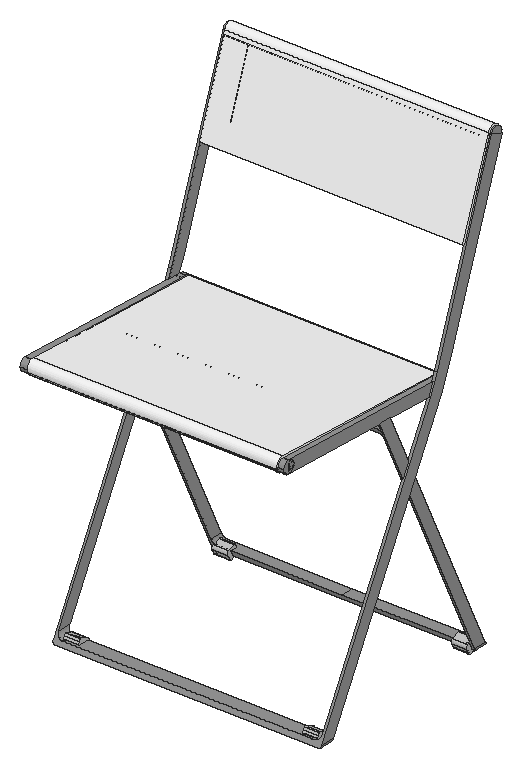
Revit family "Andreu World Brisa_SI-0770", category Mobiliario, Revit 2014
Parameters (values of type "SI-0770")
  Width = 485 mm
  Upholstery = Indoor Sand Woven Band
  URL = "https://www.andreuworld.com/workspaces"
  Structure Finish = Andreu World Earth Brown Finish
  Reference = "SI-0770"
  Modelo = "Brisa"
  Height = 825 mm
  Glides = Andreu World Plastic Glides
  Fabricante = "Andreu World"  # constant formula
  Descripción = "Folding chair with steel frame and EPL-5 outdoor treatment, available in White or earth brown"
  Depth = 475 mm
Reference planes
  plane 1 "Centro (Frontal/Posterior)": y = 0
  plane 2: z = 0
  plane 3 "Centro (Izquierda/Derecha)": x = 0
  plane 4: y = 237.5
  plane 5: x = 242.5
  plane 6: y = -237.5
  plane 7: x = -242.5
  plane 8: z = 825
Forms (mm)
  Extrusion 1, solid, material "Andreu World Earth Brown Finish" <- "Structure Finish", detail levels medium+fine
    sketch origin (0, 0, 0) x (0, 1, 0) y (0, 0, 1)
      loop
        line (-147.815, -10.671) -> (102.544, 453.087)
        arc (102.544, 453.087) -> (113.736, 475.697) -> (123.302, 499.042) r 356.751
        line (123.302, 499.042) -> (237.5, 808.472) -> (217.338, 816.906) -> (97.058, 490.995)
        arc (97.058, 490.995) -> (89.818, 473.327) -> (81.347, 456.215) r 270
        line (81.347, 456.215) -> (-164.818, 0.227) -> (-147.815, -10.671)
    from -242.5 to 242.5
  Extrusion 2, void
    sketch origin (0, 0, 0) x (1, 0, 0) y (0, 0, 1)
      loop
        line (-233.701, 822.161) -> (-233.701, 23.782)
        arc (-233.701, 23.782) -> (-230.772, 16.711) -> (-223.701, 13.782) r 10
        line (-223.701, 13.782) -> (223.701, 13.782)
        arc (223.701, 13.782) -> (230.772, 16.711) -> (233.701, 23.782) r 10
        line (233.701, 23.782) -> (233.701, 822.161) -> (-233.701, 822.161)
      loop
        line (-238.015, 822.161) -> (-256.086, 822.161) -> (-256.086, -37.839) -> (256.086, -37.839) -> (256.086, 822.161) -> (238.603, 822.161) -> (238.603, 10.586)
        arc (238.603, 10.586) -> (237.138, 7.05) -> (233.603, 5.586) r 5
        line (233.603, 5.586) -> (-233.015, 5.586)
        arc (-233.015, 5.586) -> (-236.551, 7.05) -> (-238.015, 10.586) r 5
        line (-238.015, 10.586) -> (-238.015, 822.161)
    from -272.17 to 186.783
  Extrusion 3, solid, material "Andreu World Earth Brown Finish" <- "Structure Finish", detail levels medium+fine
    sketch origin (0, 0, 0) x (0, 1, 0) y (0, 0, 1)
      loop
        line (-25.138, 461.243) -> (195.2, -9.469) -> (213.297, -0.998) -> (-2.572, 460.168) -> (-25.138, 461.243)
    from -244.365 to 244.416
  Extrusion 4, void
    sketch origin (0, 0, 0) x (1, 0, 0) y (0, 0, 1)
      loop
        line (-228.949, 526.156) -> (-228.949, 26.085)
        arc (-228.949, 26.085) -> (-226.02, 19.014) -> (-218.949, 16.085) r 10
        line (-218.949, 16.085) -> (0, 16.085) -> (218.949, 16.085)
        arc (218.949, 16.085) -> (226.02, 19.014) -> (228.949, 26.085) r 10
        line (228.949, 26.085) -> (228.949, 526.156) -> (0, 526.156) -> (-228.949, 526.156)
      loop
        line (-233.701, 526.156) -> (-253.701, 526.156) -> (-253.701, -23.844) -> (0, -23.844) -> (253.701, -23.844) -> (253.701, 526.156) -> (233.701, 526.156) -> (233.701, 10.586)
        arc (233.701, 10.586) -> (232.237, 7.05) -> (228.701, 5.586) r 5
        line (228.701, 5.586) -> (0, 5.586) -> (-228.701, 5.586)
        arc (-228.701, 5.586) -> (-232.237, 7.05) -> (-233.701, 10.586) r 5
        line (-233.701, 10.586) -> (-233.701, 526.156)
    from -237.5 to 58.844
  Extrusion 5, solid, material "Andreu World Earth Brown Finish" <- "Structure Finish", detail levels medium+fine
    sketch origin (0, 0, 0) x (0, 1, 0) y (0, 0, 1)
      loop
        circle (227.419, 812.689) r 10.928
    from -238.015 to 238.015
  Extrusion 6, solid, material "Andreu World Earth Brown Finish" <- "Structure Finish", detail levels medium+fine
    sketch origin (0, 0, 0) x (0, 1, 0) y (0, 0, 1)
      loop
        circle (-6.205, 444.363) r 9.991
    from -231.25 to 230.026
  Extrusion 7, solid, detail levels medium+fine
    sketch origin (0, 0, 0) x (0, 1, 0) y (0, 0, 1)
      loop
        line (160.859, 663.871) -> (180.982, 655.329) -> (237.5, 808.472) -> (217.338, 816.906) -> (160.859, 663.871)
    from -233.701 to 233.701
  Extrusion 8, void
    sketch origin (0, 0, 0) x (0, 1, 0) y (0, 0, 1)
      loop
        line (158.672, 709.845) -> (206.146, 690.664) -> (248.002, 804.078) -> (200.746, 823.848) -> (158.672, 709.845)
    from -190.701 to 193.414
  Extrusion 9, solid, material "Andreu World Earth Brown Finish" <- "Structure Finish", detail levels medium+fine
    sketch origin (0, 0, 0) x (0, 1, 0) y (0, 0, 1)
      loop
        line (-227.91, 470.061) -> (105.809, 454.291) -> (115.289, 475.291) -> (-226.899, 491.461) -> (-227.91, 470.061)
    from -233.701 to 233.701
  Extrusion 10, void
    sketch origin (0, 0, 0) x (1, 0, 0) y (0, 1, 0)
      loop
        line (-220.354, 130) -> (-220.354, -237.5) -> (221.954, -237.5) -> (221.954, 130) -> (-220.354, 130)
    from 427.007 to 504.346
  Extrusion 11, solid, material "Andreu World Earth Brown Finish" <- "Structure Finish", detail levels medium+fine
    sketch origin (0, -11.796, 1.08) x (0, 1, 0) y (0, 0, 1)
      loop
        circle (-215.609, 479.681) r 10.712
    from -233.701 to 233.701
  Extrusion 12, solid, material "Andreu World Earth Brown Finish" <- "Structure Finish", detail levels medium+fine
    sketch origin (0, 0, 0) x (1, 0, 0) y (0, 0, 1)
      loop
        line (-231.027, 475.291) -> (-231.027, 453.116)
        arc (-231.027, 453.116) -> (1.337, 444.418) -> (233.701, 453.129) r 3105.615
        line (233.701, 453.129) -> (233.701, 475.291)
        arc (233.701, 475.291) -> (1.337, 465.569) -> (-231.027, 475.291) r 2781.594
    from -122.583 to -90.418
  Extrusion 13, void
    sketch origin (0, 0, 0) x (0, 1, 0) y (0, 0, 1)
      loop
        line (104.077, 441.282) -> (125.596, 441.282) -> (125.596, 480.911) -> (121.721, 480.911) -> (104.077, 441.282)
      loop
        line (107.294, 480.911) -> (80.596, 480.911) -> (80.596, 441.838) -> (89.897, 441.838) -> (107.294, 480.911)
    from -253.793 to 250
  Extrusion 14, solid, material "Andreu World Plastic Glides" <- "Glides", detail levels medium+fine
    sketch origin (0, 0, 0) x (0, 1, 0) y (0, 0, 1)
      loop
        arc (-152.478, 12.337) -> (-152.591, 11.67) -> (-152.274, 11.073) r 1.05
        line (-152.274, 11.073) -> (-142.092, 1.498)
        arc (-142.092, 1.498) -> (-138.224, 0.314) -> (-134.926, 2.657) r 4.579
        line (-134.926, 2.657) -> (-130.889, 10.129)
        arc (-130.889, 10.129) -> (-130.634, 13.978) -> (-133.38, 16.686) r 4.633
        line (-133.38, 16.686) -> (-146.557, 21.482)
        arc (-146.557, 21.482) -> (-147.26, 21.477) -> (-147.79, 21.013) r 1.009
        line (-147.79, 21.013) -> (-149.901, 17.105) -> (-151.875, 13.452) -> (-152.478, 12.337)
    from 198.601 to 225.569
  Extrusion 15, solid, material "Andreu World Plastic Glides" <- "Glides", detail levels medium+fine
    sketch origin (0, 0, 0) x (0, 1, 0) y (0, 0, -1)
      loop
        line (-152.478, -12.337) -> (-151.875, -13.452) -> (-149.901, -17.105) -> (-147.79, -21.013)
        arc (-147.79, -21.013) -> (-147.26, -21.477) -> (-146.557, -21.482) r 1.009
        line (-146.557, -21.482) -> (-133.38, -16.686)
        arc (-133.38, -16.686) -> (-130.634, -13.978) -> (-130.889, -10.129) r 4.633
        line (-130.889, -10.129) -> (-134.926, -2.657)
        arc (-134.926, -2.657) -> (-138.224, -0.314) -> (-142.092, -1.498) r 4.579
        line (-142.092, -1.498) -> (-152.274, -11.073)
        arc (-152.274, -11.073) -> (-152.591, -11.67) -> (-152.478, -12.337) r 1.05
    from 198.601 to 225.569
  Extrusion 16, solid, material "Andreu World Plastic Glides" <- "Glides", detail levels medium+fine
    sketch origin (0, 46.506, 0) x (0, -1, 0) y (0, 0, -1)
      loop
        line (-152.478, -12.337) -> (-151.875, -13.452) -> (-149.901, -17.105) -> (-147.79, -21.013)
        arc (-147.79, -21.013) -> (-147.26, -21.477) -> (-146.557, -21.482) r 1.009
        line (-146.557, -21.482) -> (-133.38, -16.686)
        arc (-133.38, -16.686) -> (-130.634, -13.978) -> (-130.889, -10.129) r 4.633
        line (-130.889, -10.129) -> (-134.926, -2.657)
        arc (-134.926, -2.657) -> (-138.224, -0.314) -> (-142.092, -1.498) r 4.579
        line (-142.092, -1.498) -> (-152.274, -11.073)
        arc (-152.274, -11.073) -> (-152.591, -11.67) -> (-152.478, -12.337) r 1.05
    from 198.601 to 225.569
  Extrusion 17, solid, material "Andreu World Plastic Glides" <- "Glides", detail levels medium+fine
    sketch origin (0, 46.506, 0) x (0, -1, 0) y (0, 0, 1)
      loop
        arc (-152.478, 12.337) -> (-152.591, 11.67) -> (-152.274, 11.073) r 1.05
        line (-152.274, 11.073) -> (-142.092, 1.498)
        arc (-142.092, 1.498) -> (-138.224, 0.314) -> (-134.926, 2.657) r 4.579
        line (-134.926, 2.657) -> (-130.889, 10.129)
        arc (-130.889, 10.129) -> (-130.634, 13.978) -> (-133.38, 16.686) r 4.633
        line (-133.38, 16.686) -> (-146.557, 21.482)
        arc (-146.557, 21.482) -> (-147.26, 21.477) -> (-147.79, 21.013) r 1.009
        line (-147.79, 21.013) -> (-149.901, 17.105) -> (-151.875, 13.452) -> (-152.478, 12.337)
    from 198.601 to 225.569
  Extrusion 18, solid, material "Indoor Sand Woven Band" <- "Upholstery", detail levels medium+fine
    sketch origin (0, 0, 0) x (0, 1, 0) y (0, 0, 1)
      loop
        line (-226.934, 468.77) -> (106.606, 451.29) -> (116.876, 475.484) -> (-225.641, 493.434)
        arc (-225.641, 493.434) -> (-238.619, 481.748) -> (-226.934, 468.77) r 12.349
    from -220.354 to 221.954
  Extrusion 19, solid, material "Indoor Sand Woven Band" <- "Upholstery", detail levels medium+fine
    sketch origin (0, 0, 0) x (0, 1, 0) y (0, 0, 1)
      loop
        line (158.737, 663.619) -> (181.95, 653.766) -> (238.973, 808.273)
        arc (238.973, 808.273) -> (231.518, 824.45) -> (215.341, 816.995) r 12.595
        line (215.341, 816.995) -> (158.737, 663.619)
    from -233.701 to 233.701
Cuts and joins
  Extrusion 2 cuts Extrusion 1
  Extrusion 4 cuts Extrusion 3
  Extrusion 8 cuts Extrusion 7
  Extrusion 10 cuts Extrusion 9
  Extrusion 13 cuts Extrusion 12
Lines and regions (mm)
  model lines, detail levels coarse+medium
    curve 1: line (-238.015, 238.347, 0) -> (-238.015, -159.225, 0)
    curve 2: line (-233.701, -238.116, 0) -> (-233.701, 239.752, 0)
    curve 3: line (-238.015, 238.347, 0) -> (-233.701, 238.347, 0)
    curve 4: line (-233.701, 239.752, 0) -> (233.701, 239.752, 0)
    curve 5: line (233.701, 239.752, 0) -> (233.701, -238.116, 0)
    curve 6: line (233.701, -238.116, 0) -> (221.954, -238.116, 0)
    curve 7: line (221.954, -238.116, 0) -> (221.954, 116.876, 0)
    curve 8: line (-233.701, 158.737, 0) -> (233.701, 158.737, 0)
    curve 9: line (-233.701, -238.116, 0) -> (-220.354, -238.116, 0)
    curve 10: line (-220.354, -238.116, 0) -> (-220.354, 116.876, 0)
    curve 11: line (-233.701, 115.289, 0) -> (-220.354, 115.289, 0)
    curve 12: line (-233.701, -226.899, 0) -> (-220.354, -226.899, 0)
    curve 13: line (-220.354, -238.636, 0) -> (221.954, -238.636, 0)
    curve 14: line (233.701, -226.899, 0) -> (221.954, -226.899, 0)
    curve 15: line (-228.949, 158.737, 0) -> (-228.949, 119.071, 0)
    curve 16: line (228.949, 158.737, 0) -> (228.949, 119.071, 0)
    curve 17: arc (233.701, 119.219, 0) -> (186.971, 117.898, 0) -> (140.234, 116.876, 0) r 7324.334
    curve 18: arc (-233.701, 119.219, 0) -> (-186.971, 117.898, 0) -> (-140.234, 116.876, 0) r 7324.334
    curve 19: line (-220.354, 116.876, 0) -> (221.954, 116.876, 0)
    curve 20: line (221.954, 115.289, 0) -> (233.701, 115.289, 0)
    curve 21: line (-238.015, -159.225, 0) -> (-233.701, -161.921, 0)
    curve 22: line (238.015, 238.347, 0) -> (238.015, -159.225, 0)
    curve 23: line (238.015, 238.347, 0) -> (233.701, 238.347, 0)
    curve 24: line (238.015, -159.225, 0) -> (233.701, -161.921, 0)
Dimensions and locks
  equal spacing: plane 7, plane 3 "Centro (Izquierda/Derecha)", plane 5
  "Width": plane 7 to plane 5
  equal spacing: plane 4, plane 1 "Centro (Frontal/Posterior)", plane 6
  "Depth": plane 4 to plane 6
  "Height": plane 8 to level
  aligned and locked: level to plane 2
Automatic sketch dimensions
  Extrusion 1 sketch curve to plane 4 = 0 mm
  Extrusion 1 sketch curve to plane 8 = 8.094 mm
  Extrusion 1 sketch curve to plane 4 = 20.162 mm
  Extrusion 1 sketch curve to plane 4 = 114.198 mm
  Extrusion 1 sketch curve to Extrusion 1 sketch curve = 20.759 mm
  Extrusion 1 sketch curve to Extrusion 1 sketch curve = 26.245 mm
  Extrusion 1 sketch curve to Extrusion 1 sketch curve = 21.197 mm
  Extrusion 1 sketch curve to level = 10.671 mm
  plane 6 to Extrusion 1 sketch curve = 89.685 mm
  plane 6 to Extrusion 1 sketch curve = 81.257 mm
  level to Extrusion 1 sketch curve = 0.227 mm
  Extrusion 1 sketch curve to Extrusion 1 sketch curve = 17.002 mm
  plane 6 to Extrusion 1 sketch curve = 26.117 mm
  Extrusion 1 sketch curve to plane 8 = 371.913 mm
  Extrusion 1 sketch curve to Extrusion 1 sketch curve = 3.128 mm
  Extrusion 1 sketch curve to Extrusion 1 sketch curve = 34.78 mm
  Extrusion 1 sketch curve to Extrusion 1 sketch curve = 8.046 mm
  Extrusion 1 sketch curve to plane 8 = 16.528 mm
  Extrusion 2 sketch curve to plane 8 = 2.839 mm  (x3)
  Extrusion 2 sketch curve to plane 7 = 13.586 mm
  plane 7 to Extrusion 2 sketch curve = 4.485 mm
  Extrusion 2 sketch curve to Extrusion 2 sketch curve = 4.314 mm
  Extrusion 2 sketch curve to Extrusion 2 sketch curve = 5 mm
  Extrusion 2 sketch curve to Extrusion 2 sketch curve = 10 mm
  Extrusion 2 sketch curve to plane 5 = 18.799 mm
  level to Extrusion 2 sketch curve = 5.586 mm
  Extrusion 2 sketch curve to plane 5 = 8.897 mm
  Extrusion 2 sketch curve to plane 5 = 8.799 mm
  Extrusion 2 sketch curve to plane 5 = 3.897 mm
  plane 5 to Extrusion 2 sketch curve = 13.586 mm
  Extrusion 2 sketch curve to level = 37.839 mm
  Extrusion 2 sketch curve to Extrusion 2 sketch curve = 3.196 mm
  plane 1 "Centro (Frontal/Posterior)" to Extrusion 3 sketch curve = 25.138 mm
  plane 1 "Centro (Frontal/Posterior)" to Extrusion 3 sketch curve = 2.572 mm
  Extrusion 3 sketch curve to level = 9.469 mm
  Extrusion 3 sketch curve to plane 4 = 42.3 mm
  Extrusion 3 sketch curve to level = 0.998 mm
  Extrusion 3 sketch curve to Extrusion 3 sketch curve = 18.097 mm
  Extrusion 4 sketch curve to plane 3 "Centro (Izquierda/Derecha)" = 0 mm  (x4)
  plane 7 to Extrusion 4 sketch curve = 23.551 mm
  Extrusion 4 sketch curve to Extrusion 4 sketch curve = 9.752 mm
  plane 7 to Extrusion 4 sketch curve = 13.551 mm
  Extrusion 4 sketch curve to Extrusion 4 sketch curve = 4.752 mm  (x2)
  Extrusion 4 sketch curve to plane 7 = 11.201 mm
  Extrusion 4 sketch curve to plane 5 = 23.551 mm
  level to Extrusion 4 sketch curve = 5.586 mm
  Extrusion 4 sketch curve to plane 5 = 13.799 mm
  Extrusion 4 sketch curve to Extrusion 4 sketch curve = 10 mm
  plane 5 to Extrusion 4 sketch curve = 11.201 mm
  Extrusion 4 sketch curve to level = 23.844 mm
  Extrusion 4 sketch curve to Extrusion 4 sketch curve = 10.499 mm
  Extrusion 4 sketch curve to plane 8 = 298.844 mm
  Extrusion 4 sketch curve to Extrusion 4 sketch curve = 0 mm  (x2)
  Extrusion 5 sketch curve to plane 4 = 10.081 mm
  Extrusion 5 sketch curve to plane 8 = 12.311 mm
  plane 1 "Centro (Frontal/Posterior)" to Extrusion 6 sketch curve = 6.205 mm
  Extrusion 6 sketch curve to plane 8 = 380.637 mm
  Extrusion 7 sketch curve to plane 4 = 0 mm
  Extrusion 7 sketch curve to plane 8 = 8.094 mm
  Extrusion 7 sketch curve to plane 4 = 20.162 mm
  Extrusion 7 sketch curve to plane 4 = 56.518 mm
  Extrusion 7 sketch curve to Extrusion 7 sketch curve = 20.123 mm
  Extrusion 7 sketch curve to plane 8 = 16.528 mm
  Extrusion 7 sketch curve to plane 8 = 161.129 mm
  Extrusion 7 sketch curve to Extrusion 7 sketch curve = 8.542 mm
  Extrusion 8 sketch curve to plane 4 = 78.828 mm
  Extrusion 8 sketch curve to plane 8 = 1.152 mm
  Extrusion 8 sketch curve to plane 4 = 36.754 mm
  Extrusion 8 sketch curve to plane 4 = 31.354 mm
  plane 4 to Extrusion 8 sketch curve = 10.502 mm
  Extrusion 8 sketch curve to plane 8 = 20.922 mm
  Extrusion 8 sketch curve to plane 8 = 115.155 mm
  Extrusion 8 sketch curve to Extrusion 8 sketch curve = 19.181 mm
  plane 6 to Extrusion 9 sketch curve = 9.59 mm
  plane 6 to Extrusion 9 sketch curve = 10.601 mm
  Extrusion 9 sketch curve to plane 1 "Centro (Frontal/Posterior)" = 105.809 mm
  Extrusion 9 sketch curve to Extrusion 9 sketch curve = 9.48 mm
  Extrusion 9 sketch curve to plane 8 = 370.709 mm
  Extrusion 9 sketch curve to Extrusion 9 sketch curve = 15.77 mm
  Extrusion 10 sketch curve to plane 6 = 0 mm
  plane 7 to Extrusion 10 sketch curve = 22.146 mm
  Extrusion 10 sketch curve to plane 5 = 20.546 mm
  Extrusion 10 sketch curve to plane 4 = 107.5 mm
  plane 6 to Extrusion 11 sketch curve = 10.096 mm
  Extrusion 11 sketch curve to plane 8 = 344.239 mm
  plane 7 to Extrusion 12 sketch curve = 11.473 mm
  plane 3 "Centro (Izquierda/Derecha)" to Extrusion 12 sketch curve = 1.25 mm
  plane 3 "Centro (Izquierda/Derecha)" to Extrusion 12 sketch curve = 1.337 mm
  Extrusion 12 sketch curve to plane 5 = 8.799 mm
  Extrusion 12 sketch curve to plane 8 = 371.884 mm
  Extrusion 12 sketch curve to Extrusion 12 sketch curve = 22.175 mm
  plane 8 to Extrusion 12 sketch curve = 2422.163 mm
  Extrusion 12 sketch curve to Extrusion 12 sketch curve = 302.87 mm
  Extrusion 13 sketch curve to plane 1 "Centro (Frontal/Posterior)" = 80.596 mm
  Extrusion 13 sketch curve to Extrusion 13 sketch curve = 9.301 mm
  Extrusion 13 sketch curve to Extrusion 13 sketch curve = 14.179 mm
  Extrusion 13 sketch curve to Extrusion 13 sketch curve = 26.698 mm
  Extrusion 13 sketch curve to Extrusion 13 sketch curve = 14.427 mm
  Extrusion 13 sketch curve to Extrusion 13 sketch curve = 3.875 mm
  Extrusion 13 sketch curve to plane 8 = 383.718 mm
  Extrusion 13 sketch curve to Extrusion 13 sketch curve = 0.556 mm
  Extrusion 13 sketch curve to Extrusion 13 sketch curve = 39.629 mm
  Extrusion 13 sketch curve to Extrusion 13 sketch curve = 0 mm
  level to Extrusion 14 sketch curve = 12.337 mm
  plane 6 to Extrusion 14 sketch curve = 85.022 mm
  level to Extrusion 14 sketch curve = 11.073 mm
  Extrusion 14 sketch curve to Extrusion 14 sketch curve = 0.204 mm
  level to Extrusion 14 sketch curve = 13.452 mm
  Extrusion 14 sketch curve to Extrusion 14 sketch curve = 0.603 mm
  Extrusion 14 sketch curve to Extrusion 14 sketch curve = 0.924 mm
  level to Extrusion 14 sketch curve = 17.105 mm
  Extrusion 14 sketch curve to Extrusion 14 sketch curve = 1.974 mm
  level to Extrusion 14 sketch curve = 21.013 mm
  Extrusion 14 sketch curve to Extrusion 14 sketch curve = 2.112 mm
  Extrusion 14 sketch curve to Extrusion 14 sketch curve = 0.888 mm
  level to Extrusion 14 sketch curve = 21.482 mm
  Extrusion 14 sketch curve to Extrusion 14 sketch curve = 0.345 mm
  level to Extrusion 14 sketch curve = 1.498 mm
  Extrusion 14 sketch curve to Extrusion 14 sketch curve = 10.182 mm
  Extrusion 14 sketch curve to Extrusion 14 sketch curve = 3.137 mm
  Extrusion 14 sketch curve to Extrusion 14 sketch curve = 3.99 mm
  level to Extrusion 14 sketch curve = 2.657 mm
  Extrusion 14 sketch curve to Extrusion 14 sketch curve = 4.029 mm
  level to Extrusion 14 sketch curve = 16.686 mm
  Extrusion 14 sketch curve to Extrusion 14 sketch curve = 1.585 mm
  level to Extrusion 14 sketch curve = 10.129 mm
  Extrusion 14 sketch curve to Extrusion 14 sketch curve = 4.076 mm
  level to Extrusion 15 sketch curve = 12.337 mm
  plane 6 to Extrusion 15 sketch curve = 85.022 mm
  level to Extrusion 15 sketch curve = 11.073 mm
  Extrusion 15 sketch curve to Extrusion 15 sketch curve = 0.204 mm
  level to Extrusion 15 sketch curve = 13.452 mm
  Extrusion 15 sketch curve to Extrusion 15 sketch curve = 0.603 mm
  Extrusion 15 sketch curve to Extrusion 15 sketch curve = 0.924 mm
  level to Extrusion 15 sketch curve = 17.105 mm
  Extrusion 15 sketch curve to Extrusion 15 sketch curve = 1.974 mm
  level to Extrusion 15 sketch curve = 21.013 mm
  Extrusion 15 sketch curve to Extrusion 15 sketch curve = 2.112 mm
  Extrusion 15 sketch curve to Extrusion 15 sketch curve = 0.888 mm
  level to Extrusion 15 sketch curve = 21.482 mm
  Extrusion 15 sketch curve to Extrusion 15 sketch curve = 0.345 mm
  level to Extrusion 15 sketch curve = 1.498 mm
  Extrusion 15 sketch curve to Extrusion 15 sketch curve = 10.182 mm
  Extrusion 15 sketch curve to Extrusion 15 sketch curve = 3.137 mm
  Extrusion 15 sketch curve to Extrusion 15 sketch curve = 3.99 mm
  level to Extrusion 15 sketch curve = 2.657 mm
  Extrusion 15 sketch curve to Extrusion 15 sketch curve = 4.029 mm
  level to Extrusion 15 sketch curve = 16.686 mm
  Extrusion 15 sketch curve to Extrusion 15 sketch curve = 1.585 mm
  level to Extrusion 15 sketch curve = 10.129 mm
  Extrusion 15 sketch curve to Extrusion 15 sketch curve = 4.076 mm
  Extrusion 16 sketch curve to level = 12.337 mm
  plane 4 to Extrusion 16 sketch curve = 38.516 mm
  Extrusion 16 sketch curve to level = 11.073 mm
  Extrusion 16 sketch curve to Extrusion 16 sketch curve = 0.204 mm
  Extrusion 16 sketch curve to level = 13.452 mm
  Extrusion 16 sketch curve to Extrusion 16 sketch curve = 0.603 mm
  Extrusion 16 sketch curve to Extrusion 16 sketch curve = 0.924 mm
  Extrusion 16 sketch curve to level = 17.105 mm
  Extrusion 16 sketch curve to Extrusion 16 sketch curve = 1.974 mm
  Extrusion 16 sketch curve to level = 21.013 mm
  Extrusion 16 sketch curve to Extrusion 16 sketch curve = 2.112 mm
  Extrusion 16 sketch curve to Extrusion 16 sketch curve = 0.888 mm
  Extrusion 16 sketch curve to level = 21.482 mm
  Extrusion 16 sketch curve to Extrusion 16 sketch curve = 0.345 mm
  Extrusion 16 sketch curve to level = 1.498 mm
  Extrusion 16 sketch curve to Extrusion 16 sketch curve = 10.182 mm
  Extrusion 16 sketch curve to Extrusion 16 sketch curve = 3.137 mm
  Extrusion 16 sketch curve to Extrusion 16 sketch curve = 3.99 mm
  Extrusion 16 sketch curve to level = 2.657 mm
  Extrusion 16 sketch curve to Extrusion 16 sketch curve = 4.029 mm
  Extrusion 16 sketch curve to level = 16.686 mm
  Extrusion 16 sketch curve to Extrusion 16 sketch curve = 1.585 mm
  Extrusion 16 sketch curve to level = 10.129 mm
  Extrusion 16 sketch curve to Extrusion 16 sketch curve = 4.076 mm
  level to Extrusion 17 sketch curve = 12.337 mm
  Extrusion 17 sketch curve to plane 4 = 38.516 mm
  level to Extrusion 17 sketch curve = 11.073 mm
  Extrusion 17 sketch curve to Extrusion 17 sketch curve = 0.204 mm
  level to Extrusion 17 sketch curve = 13.452 mm
  Extrusion 17 sketch curve to Extrusion 17 sketch curve = 0.603 mm
  Extrusion 17 sketch curve to Extrusion 17 sketch curve = 0.924 mm
  level to Extrusion 17 sketch curve = 17.105 mm
  Extrusion 17 sketch curve to Extrusion 17 sketch curve = 1.974 mm
  level to Extrusion 17 sketch curve = 21.013 mm
  Extrusion 17 sketch curve to Extrusion 17 sketch curve = 2.112 mm
  Extrusion 17 sketch curve to Extrusion 17 sketch curve = 0.888 mm
  level to Extrusion 17 sketch curve = 21.482 mm
  Extrusion 17 sketch curve to Extrusion 17 sketch curve = 0.345 mm
  level to Extrusion 17 sketch curve = 1.498 mm
  Extrusion 17 sketch curve to Extrusion 17 sketch curve = 10.182 mm
  Extrusion 17 sketch curve to Extrusion 17 sketch curve = 3.137 mm
  Extrusion 17 sketch curve to Extrusion 17 sketch curve = 3.99 mm
  level to Extrusion 17 sketch curve = 2.657 mm
  Extrusion 17 sketch curve to Extrusion 17 sketch curve = 4.029 mm
  level to Extrusion 17 sketch curve = 16.686 mm
  Extrusion 17 sketch curve to Extrusion 17 sketch curve = 1.585 mm
  level to Extrusion 17 sketch curve = 10.129 mm
  Extrusion 17 sketch curve to Extrusion 17 sketch curve = 4.076 mm
  plane 6 to Extrusion 18 sketch curve = 10.566 mm
  plane 6 to Extrusion 18 sketch curve = 11.213 mm
  plane 6 to Extrusion 18 sketch curve = 11.859 mm
  Extrusion 18 sketch curve to plane 1 "Centro (Frontal/Posterior)" = 106.606 mm
  Extrusion 18 sketch curve to Extrusion 18 sketch curve = 10.27 mm
  Extrusion 18 sketch curve to plane 8 = 373.71 mm
  Extrusion 18 sketch curve to Extrusion 18 sketch curve = 17.48 mm
  Extrusion 18 sketch curve to Extrusion 18 sketch curve = 24.194 mm
  Extrusion 18 sketch curve to Extrusion 18 sketch curve = 12.332 mm
  Extrusion 19 sketch curve to plane 4 = 78.763 mm
  Extrusion 19 sketch curve to Extrusion 19 sketch curve = 23.214 mm
  Extrusion 19 sketch curve to plane 8 = 8.005 mm
  Extrusion 19 sketch curve to plane 4 = 22.159 mm
  Extrusion 19 sketch curve to plane 4 = 10.343 mm
  plane 4 to Extrusion 19 sketch curve = 1.473 mm
  Extrusion 19 sketch curve to plane 8 = 12.366 mm
  Extrusion 19 sketch curve to plane 8 = 161.381 mm
  Extrusion 19 sketch curve to Extrusion 19 sketch curve = 9.854 mm
  plane 4 to curve 1 = 0.847 mm
  plane 7 to curve 1 = 4.485 mm
  plane 4 to curve 4 = 2.252 mm
  curve 1 to curve 4 = 4.314 mm
  curve 9 to plane 6 = 0.616 mm
  curve 2 to curve 9 = 13.347 mm
  curve 18 to plane 3 "Centro (Izquierda/Derecha)" = 3.442 mm
  plane 3 "Centro (Izquierda/Derecha)" to curve 17 = 3.442 mm
  curve 19 to plane 5 = 20.546 mm
  curve 6 to plane 6 = 0.616 mm
  plane 4 to curve 23 = 0.847 mm
  curve 23 to plane 5 = 4.485 mm
  plane 6 to curve 21 = 78.275 mm
  plane 6 to curve 22 = 78.275 mm
  curve 19 to plane 1 "Centro (Frontal/Posterior)" = 116.876 mm
  plane 4 to curve 18 = 7202.432 mm
  curve 18 to curve 17 = 0 mm
  curve 18 to curve 15 = 4.752 mm
  curve 13 to curve 9 = 0 mm
  curve 10 to curve 18 = 80.12 mm
  curve 17 to curve 7 = 81.72 mm
  curve 13 to curve 6 = 0 mm
  curve 16 to curve 17 = 4.752 mm
  curve 24 to curve 22 = 4.314 mm
  curve 13 to curve 6 = 0.52 mm
  plane 6 to curve 12 = 10.601 mm
  plane 6 to curve 14 = 10.601 mm
  curve 21 to curve 1 = 2.696 mm
  curve 24 to curve 22 = 2.696 mm
  curve 11 to curve 10 = 1.587 mm
  curve 20 to curve 7 = 1.587 mm
  curve 18 to curve 8 = 39.518 mm
  radius of Extrusion 5 sketch curve = 10.928 mm
  radius of Extrusion 6 sketch curve = 9.991 mm
  radius of Extrusion 11 sketch curve = 10.712 mm
